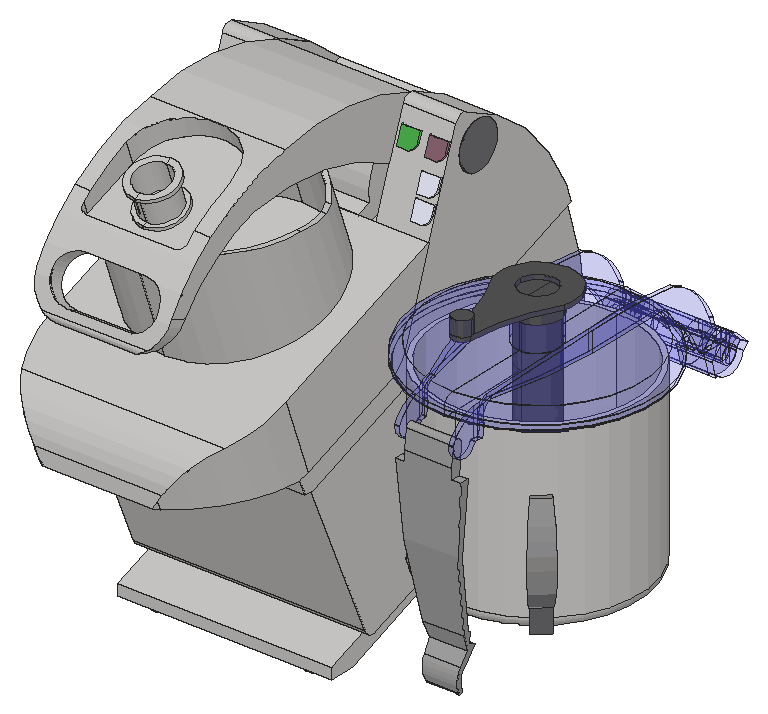
Revit family "QF_DITOSAMA_600436_DTRK55YG", category Specialty Equipment, Revit 2018
Family settings
  Round Connector Dimension = Use Diameter
  Part Type = Normal
  Work Plane-Based = No
  Always vertical = Yes
  Cut with Voids When Loaded = No
  Shared = No
  Room Calculation Point = No
Parameters (values of type "Standard")
  Weight = 27.40 kg
  Watts = 0 W
  Volts = 200 V
  URL Manufacturer = "http://www.ditosama.com"
  URL = "http://www.ditosama.com"
  Steam Supply Size = 0 mm
  Steam Supply Minimum Pressure = 0.0 Pa
  Steam Supply Maximum Pressure = 0.0 Pa
  Steam Pounds per Hour = 0
  Refrigeration Suction Line Size = 0 mm
  Refrigeration Liquid Line Size = 0 mm
  Refrigerant Compressor Remote = yes
  Manufacturer = "Dito Sama"
  Phase = 1
  Model = "DTRK55YG"
  Length Actual = 252 mm  # constant formula
  Item Number = "600436"
  Hot Water Size = 0 mm
  Height Actual = 505 mm  # constant formula
  HP = "1.7 HP"
  Gas Size = 0 mm
  Gas KW = 0
  Gas Input Pressure = 0 W
  Direct Waste Size = 0 mm
  Description = "CUTTER/SLICER 5.5L VARIAB.SPEED-1300W-200-240/1/50-60-UK"
  Depth Actual = 485 mm  # constant formula
  Cycle = 50 Hz
  Condensate Return Size = 0 mm
  Compressed Air Volume = 0.0 L/s
  Compressed Air Size = 0 mm
  Compressed Air Pressure = 0.0 Pa
  Cold Water Size = 0 mm
  Accessory = yes
Reference planes
  plane 1 "Center (Front/Back)": y = 0
  plane 2: z = 0
  plane 3 "Center (Left/Right)": x = 0
  plane 4 "BASE": through (-1506.947, -1354.442, -482.669) normal (0, -0.342, 0.9397)
  plane 5 "TOP": z = 725
  plane 6 "FRONT": y = -250
  plane 7 "BACK": y = 250
  plane 8 "LEFT": x = -126
  plane 9 "RIGHT": x = 126
  plane 10 "BaseSup": through (4267.2, -355.454, 143.983) normal (0, -0.342, 0.9397)
  plane 11 "TopCylinder": z = 505
  plane 12 "panel": through (4267.2, 37.396, 376.789) normal (0, -0.9397, 0.342)
  plane 13 "TAN1": through (4267.2, -242.8, 386.84) normal (0, -0.868, 0.4965)
  plane 14 "cx": x = -4.392
  plane 15: z = 490
  plane 16: z = 685
  plane 17 "EI_1": z = 320
  plane 18: z = 224
  plane 19 "SupportOblique": through (4267.2, 163.975, 96.815) normal (0, 0.809, 0.5878)
  plane 20 "CX2": x = 350
Forms (mm)
  Extrusion 1, solid, material "QF_Finishes_Stainless Steel"
    sketch origin (0, 71.755, 29.173) x (0, 0.939693, 0.34202) y (0, -0.34202, 0.939693)
      loop
        line (196.964, 40) -> (-146.726, 40) -> (-150.519, 29.578) -> (-124.204, 20) -> (196.964, 20) -> (196.964, 40)
    from -114.1 to 114.1
  Extrusion 2, solid, material "QF_Finishes_Stainless Steel"
    sketch origin (0, 71.755, 29.173) x (0, 0.939693, 0.34202) y (0, -0.34202, 0.939693)
      loop
        arc (-117.754, 231.836) -> (-115.679, 141.222) -> (-107.501, 50.953) r 1344.145
        arc (-107.501, 50.953) -> (-103.371, 43.13) -> (-95.098, 40) r 12.5
        line (-95.098, 40) -> (191.415, 40)
        arc (191.415, 40) -> (200.799, 44.052) -> (207.001, 52.177) r 20.212
        arc (207.001, 52.177) -> (236.663, 139.796) -> (245.906, 231.836) r 409.593
        line (245.906, 231.836) -> (-117.754, 231.836)
    from -123.6 to 123.2
  Extrusion 3, solid, material "QF_Finishes_Stainless Steel"
    sketch origin (0, 71.755, 29.173) x (0, 0.939693, 0.34202) y (0, -0.34202, 0.939693)
      loop
        line (-117.754, 231.836) -> (250, 231.836) -> (250, 254)
        arc (250, 254) -> (225.127, 344.7) -> (167.861, 419.303) r 244.524
        arc (167.861, 419.303) -> (160.498, 421.774) -> (153.587, 418.23) r 10
        line (153.587, 418.23) -> (25.432, 265.5)
        arc (25.432, 265.5) -> (14.376, 257.016) -> (0.77, 254) r 32.194
        line (0.77, 254) -> (-128.224, 254) -> (-128.224, 236.946) -> (-117.754, 231.836)
    from -125 to 125
  Extrusion 4, void
    sketch origin (0, 71.755, 29.173) x (0, 0.939693, 0.34202) y (0, -0.34202, 0.939693)
      loop
        line (146.605, 338.403) -> (228.145, 338.403)
        arc (228.145, 338.403) -> (202.221, 381.996) -> (167.861, 419.303) r 244.524
        arc (167.861, 419.303) -> (160.498, 421.774) -> (153.587, 418.23) r 10
        line (153.587, 418.23) -> (72.34, 321.403) -> (146.605, 321.403) -> (146.605, 338.403)
    from -76.755 to 68.071
  Extrusion 5, solid, material "QF_Finishes_Stainless Steel"
    sketch origin (0, 71.755, 29.173) x (0, 0.939693, 0.34202) y (0, -0.34202, 0.939693)
      loop
        line (86.605, 338.403) -> (69.605, 321.403) -> (146.605, 321.403) -> (146.605, 338.403) -> (138.179, 338.403) -> (138.179, 369.367)
        arc (138.179, 369.367) -> (147.784, 373.474) -> (158.149, 372.174) r 19.987
        arc (158.149, 372.174) -> (156.791, 382.001) -> (162.888, 389.826) r 12.748
        arc (162.888, 389.826) -> (123.302, 374.774) -> (101.605, 338.403) r 64.447
        line (101.605, 338.403) -> (86.605, 338.403)
    from -65 to 50
  Extrusion 6, solid, material "QF_Finishes_Stainless Steel"
    sketch origin (539, 71.755, 29.173) x (0, -0.939693, -0.34202) y (0, -0.34202, 0.939693)
      loop
        circle (-169.102, 378.696) r 12.748
    from 489 to 604
  Extrusion 7, solid, material "QF_Finishes_Rubber Black"
    sketch origin (0, 71.755, 29.173) x (0, 0.939693, 0.34202) y (0, -0.34202, 0.939693)
      loop
        circle (169.102, 378.696) r 25
    from 125 to 126.6
  Extrusion 8, solid, material "QF_Finishes_Green"
    sketch origin (-10, -113.728, -38.42) x (0, -0.34202, -0.939693) y (1, 0, 0)
      loop
        line (-529.862, 82.865) -> (-509.862, 82.865) -> (-509.862, 92.865)
        arc (-509.862, 92.865) -> (-512.791, 99.936) -> (-519.862, 102.865) r 10
        line (-519.862, 102.865) -> (-529.862, 102.865) -> (-529.862, 82.865)
    from 0 to 1.6
  Extrusion 9, solid, material "QF_Finishes_Red"
    sketch origin (20, -113.728, -38.42) x (0, -0.34202, -0.939693) y (1, 0, 0)
      loop
        line (-529.862, 82.865) -> (-509.862, 82.865) -> (-509.862, 92.865)
        arc (-509.862, 92.865) -> (-512.791, 99.936) -> (-519.862, 102.865) r 10
        line (-519.862, 102.865) -> (-529.862, 102.865) -> (-529.862, 82.865)
    from 0 to 1.6
  Extrusion 10, solid, material "QF_Finishes_Rubber Black"
    sketch origin (-20, -293.925, 99.376) x (0, -1, 0) y (1, 0, 0)
      loop
        circle (-230.144, 103.748) r 10
      loop
        circle (-230.144, -61.252) r 10
    from 9.274 to 3.787
  Extrusion 11, void
    sketch origin (-20.94, 306.731, 139.428) x (-1, 0, 0) y (0, -0.34202, 0.939693)
      loop
        circle (-20.94, 196.093) r 10
    from -1.916 to -26.433
  Extrusion 12, solid, material "QF_Finishes_Stainless Steel"
    sketch origin (-20.94, 306.678, 139.573) x (-1, 0, 0) y (0, -0.34202, 0.939693)
      loop
        circle (-20.94, 195.939) r 9.999
    from -8.514 to -26.433
  Extrusion 13, solid, material "QF_Finishes_Stainless Steel"
    sketch origin (0, -15.119, 267.855) x (0, -0.939693, -0.34202) y (1, 0, 0)
      loop
        line (-86.605, -125) -> (117.754, -125)
        arc (117.754, -125) -> (182.577, -108.838) -> (232.224, -64.135) r 138.076
        arc (232.224, -64.135) -> (246.337, -33.516) -> (250, 0) r 104.824
        arc (250, 0) -> (246.337, 33.516) -> (232.224, 64.135) r 104.824
        arc (232.224, 64.135) -> (182.577, 108.838) -> (117.754, 125) r 138.076
        line (117.754, 125) -> (-86.605, 125) -> (-86.605, -125)
    from 0 to 84.403
  Extrusion 14, void
    sketch origin (0, 71.755, 29.173) x (0, 0.939693, 0.34202) y (0, -0.34202, 0.939693)
      loop
        line (-183.149, 338.403) -> (-263.395, 338.403) -> (-263.395, 254) -> (-128.224, 254) -> (-235.716, 293.124) -> (-229.509, 307.133)
        arc (-229.509, 307.133) -> (-211.109, 329.855) -> (-183.149, 338.403) r 50
      loop
        line (86.605, 338.403) -> (25.432, 265.5)
        arc (25.432, 265.5) -> (14.376, 257.016) -> (0.77, 254) r 32.194
        line (0.77, 254) -> (86.605, 254) -> (86.605, 338.403)
    from -156.555 to 144.79
  Extrusion 15, solid, material "QF_Finishes_Rubber Black"
    sketch origin (-20, -255.757, 37.007) x (0, -0.939693, -0.34202) y (1, 0, 0)
      loop
        circle (-230.144, 103.748) r 10
      loop
        circle (-230.144, -61.252) r 10
    from -1.968 to 3.787
  Extrusion 16, solid, material "QF_Finishes_Stainless Steel"
    sketch origin (0, 0, 0) x (0, 1, 0) y (0, 0, 1)
      loop
        arc (-237.987, 360.286) -> (-193.334, 422.101) -> (-125.907, 457.716) r 167.502
        arc (-125.907, 457.716) -> (-32.614, 457.202) -> (54.785, 424.565) r 266.494
        line (54.785, 424.565) -> (73.036, 474.711)
        arc (73.036, 474.711) -> (77.269, 479.853) -> (83.792, 481.198) r 10
        arc (83.792, 481.198) -> (1.801, 503.572) -> (-83.051, 498.734) r 263.981
        arc (-83.051, 498.734) -> (-135.605, 484.534) -> (-183.511, 458.675) r 236.13
        arc (-183.511, 458.675) -> (-222.818, 420.732) -> (-248.457, 372.49) r 174.407
        arc (-248.457, 372.49) -> (-249.83, 368.135) -> (-247.05, 364.513) r 4.945
        line (-247.05, 364.513) -> (-237.987, 360.286)
    from -76.755 to 68.071
  Extrusion 17, void
    sketch origin (0, -252.846, 369.279) x (0, -0.496521, -0.868025) y (1, 0, 0)
      loop
        line (-13.723, -36.755) -> (-13.723, 28.071)
        arc (-13.723, 28.071) -> (-38.723, 53.071) -> (-63.723, 28.071) r 25
        line (-63.723, 28.071) -> (-63.723, -36.755)
        arc (-63.723, -36.755) -> (-38.723, -61.755) -> (-13.723, -36.755) r 25
    from -148.493 to 7.125
  Extrusion 18, void
    sketch origin (0, -88.076, 32.057) x (0, -0.34202, -0.939693) y (1, 0, 0)
      loop
        line (-257.162, 68.071) -> (-297.162, 68.071)
        arc (-297.162, 68.071) -> (-268.878, 56.356) -> (-257.162, 28.071) r 40
        line (-257.162, 28.071) -> (-257.162, 68.071)
      loop
        line (-257.162, -76.755) -> (-257.162, -36.755)
        arc (-257.162, -36.755) -> (-268.878, -65.039) -> (-297.162, -76.755) r 40
        line (-297.162, -76.755) -> (-257.162, -76.755)
    from 233.374 to 280.473
  Extrusion 19, void
    sketch origin (0, -73.76, 246.511) x (0, -0.939693, -0.34202) y (1, 0, 0)
      loop
        spline (50.415, 43.499) -> (50.302, 44.538) -> (50.07, 45.551) -> (49.722, 46.523) -> (49.265, 47.436) -> (48.705, 48.278) -> (48.053, 49.034) -> (47.317, 49.692) -> (46.511, 50.241) -> (45.647, 50.674) -> (44.738, 50.981) -> (43.801, 51.16) -> (42.848, 51.221)
        line (42.848, 51.221) -> (-21.826, 51.221)
        arc (-21.826, 51.221) -> (-77.476, -4.429) -> (-21.826, -60.078) r 55.65
        line (-21.826, -60.078) -> (42.849, -60.064)
        spline (42.849, -60.064) -> (43.796, -60.017) -> (44.73, -59.836) -> (45.637, -59.525) -> (46.5, -59.088) -> (47.306, -58.532) -> (48.042, -57.867) -> (48.695, -57.103) -> (49.256, -56.253) -> (49.715, -55.331) -> (50.065, -54.351) -> (50.3, -53.329) -> (50.415, -52.283)
        line (50.415, -52.283) -> (50.415, 43.499)
    from 219.928 to 259.975
  Extrusion 20, void
    sketch origin (0, -87.856, 241.381) x (0, -0.939693, -0.34202) y (1, 0, 0)
      loop
        circle (-4.976, -4.429) r 22.5
    from 184.171 to 259.975
  Extrusion 21, solid, material "QF_Finishes_Stainless Steel"
    sketch origin (0, -57.13, 252.564) x (0, -0.939693, -0.34202) y (1, 0, 0)
      loop
        circle (-27.476, -4.429) r 100
      loop
        circle (-27.476, -4.429) r 95
    from 84.403 to 219.928
  Extrusion 22, void
    sketch origin (539, 0, 0) x (0, -1, 0) y (0, 0, 1)
      loop
        line (-7.229, 448.453) -> (38.883, 431.669) -> (53.883, 431.669) -> (97.232, 435.738) -> (172.232, 435.738) -> (200.5, 434.424) -> (12.562, 502.828) -> (-7.229, 448.453)
    from 424.9 to 664
  Revolve 23, solid, material "QF_Finishes_Stainless Steel"
    sketch origin (-4.392, 0, 0) x (0, 1, 0) y (0, 0, 1)
      loop
        line (-159.523, 452.833) -> (-177.266, 446.376) -> (-188.766, 477.973) -> (-195.199, 475.631) -> (-193.959, 472.225) -> (-189.261, 473.935) -> (-179, 445.744) -> (-183.698, 444.034) -> (-182.575, 440.948) -> (-179.543, 442.052) -> (-133.191, 314.7) -> (-112.048, 322.396) -> (-159.523, 452.833)
      axis (-112.048, 322.396) -> (-171.023, 484.431)
    angle from 0 to 360
  Extrusion 24, solid, material "QF_Door-Drawer Clearances", detail levels coarse
    sketch origin (0, -262.072, 735.095) x (0, -0.581279, -0.813704) y (0, 0.813704, -0.581279)
      loop
        arc (-237.987, 360.286) -> (-193.334, 422.101) -> (-125.907, 457.716) r 167.502
        arc (-125.907, 457.716) -> (-61.925, 460.915) -> (0.971, 448.753) r 266.494
        arc (0.971, 448.753) -> (-2.208, 475.472) -> (-2.432, 502.379) r 244.524
        arc (-2.432, 502.379) -> (-31.549, 503.211) -> (-60.594, 500.999) r 278.64
        arc (-60.594, 500.999) -> (-125.023, 488.463) -> (-183.511, 458.675) r 236.13
        arc (-183.511, 458.675) -> (-222.818, 420.732) -> (-248.457, 372.49) r 174.407
        arc (-248.457, 372.49) -> (-249.83, 368.135) -> (-247.05, 364.513) r 4.945
        line (-247.05, 364.513) -> (-237.987, 360.286)
    from -76.755 to 68.071
  Extrusion 25, solid, material "QF_Door-Drawer Clearances", detail levels coarse
    sketch origin (-4.392, 0, -55) x (0, 1, 0) y (0, 0, 1)
      loop
        arc (180.062, 780.324) -> (-149.234, 694.151) -> (-249.905, 368.994) r 350.321
        line (-249.905, 368.994) -> (-246.546, 377.767)
        arc (-246.546, 377.767) -> (-144.345, 691.9) -> (174.993, 776.44) r 345.321
        line (174.993, 776.44) -> (180.062, 780.324)
    from -60 to 60
  Extrusion 26, solid, material "QF_Finishes_Rubber Black"
    sketch origin (-20, -20.834, 122.512) x (0, -0.939693, -0.34202) y (1, 0, 0)
      loop
        circle (-230.144, 103.748) r 10
      loop
        circle (-230.144, -61.252) r 10
    from -1.968 to 3.787
  Extrusion 27, void
    sketch origin (-4.392, 0, 0) x (0, 1, 0) y (0, 0, 1)
      loop
        circle (163.975, 96.815) r 5.399
    from -121.608 to 130.392
  Sweep 28, solid, material "QF_Finishes_Stainless Steel"
    path origin (0, 153.361, 111.423) x (0, -0.587785, 0.809017) y (1, 0, 0)
      loop
        line (-133.401, 56) -> (-133.401, 112.5)
        arc (-133.401, 112.5) -> (-130.472, 119.571) -> (-123.401, 122.5) r 10
        line (-123.401, 122.5) -> (-28.058, 122.5)
        arc (-28.058, 122.5) -> (-20.987, 119.571) -> (-18.058, 112.5) r 10
        line (-18.058, 112.5) -> (-18.058, -112.5)
        arc (-18.058, -112.5) -> (-20.987, -119.571) -> (-28.058, -122.5) r 10
        line (-28.058, -122.5) -> (-123.401, -122.5)
        arc (-123.401, -122.5) -> (-130.472, -119.571) -> (-133.401, -112.5) r 10
        line (-133.401, -112.5) -> (-133.401, -56)
    profile origin (84.25, 231.772, 3.5) x (0, 0.587785, -0.809017) y (0, 0.809017, 0.587785)
      loop
        circle (0, 0) r 3.5
  Extrusion 29, void
    sketch origin (-4.392, 0, 0) x (0, 1, 0) y (0, 0, 1)
      loop
        line (50.281, 42.641) -> (71.708, 50.44) -> (64.376, 57.771) -> (50.281, 52.641) -> (50.281, 42.641)
    from -119.208 to -51.608
  Extrusion 30, void
    sketch origin (4.392, 0, 0) x (0, 1, 0) y (0, 0, -1)
      loop
        line (50.281, -42.641) -> (50.281, -52.641) -> (64.376, -57.771) -> (71.708, -50.44) -> (50.281, -42.641)
    from -119.208 to -51.608
  Extrusion 31, solid, material "QF_Door-Drawer Clearances", detail levels coarse
    sketch origin (350, -160.4, -17.118) x (0, -0.34202, -0.939693) y (0, -0.939693, 0.34202)
      loop
        line (-206.754, 118.191) -> (-331.133, -223.538)
        arc (-331.133, -223.538) -> (-241.482, -246.331) -> (-149.003, -248.426) r 409.593
        arc (-149.003, -248.426) -> (-139.246, -245.378) -> (-132.229, -237.945) r 20.212
        line (-132.229, -237.945) -> (-34.236, 31.289)
        arc (-34.236, 31.289) -> (-34.347, 40.134) -> (-40.286, 46.691) r 12.5
        arc (-40.286, 46.691) -> (-122.314, 85.249) -> (-206.754, 118.191) r 1344.145
    from -123.6 to 123.2
  Extrusion 32, solid, material "QF_Door-Drawer Clearances", detail levels coarse
    sketch origin (350, -160.4, -17.118) x (0, -0.34202, -0.939693) y (0, -0.939693, 0.34202)
      loop
        line (-134.127, -243.16) -> (-115.333, -250) -> (-5.487, 51.799) -> (-5.487, 79.803) -> (-16.578, 79.803) -> (-134.127, -243.16)
    from -114.1 to 114.1
  Extrusion 33, solid, material "QF_Door-Drawer Clearances", detail levels coarse
    sketch origin (330, -388.076, 105.131) x (0, -1, 0) y (1, 0, 0)
      loop
        circle (-230.144, 103.748) r 10
      loop
        circle (-230.144, -61.252) r 10
    from -1.968 to 3.787
  Extrusion 34, solid, material "QF_Door-Drawer Clearances", detail levels coarse
    sketch origin (330, -138.076, 105.131) x (0, -1, 0) y (1, 0, 0)
      loop
        circle (-230.144, 103.748) r 10
      loop
        circle (-230.144, -61.252) r 10
    from -1.968 to 3.787
  Extrusion 35, solid, material "QF_Door-Drawer Clearances", detail levels coarse
    sketch origin (0, 250, 0) x (-1, 0, 0) y (0, 0, 1)
      loop
        circle (-350, 200) r 10
    from -89.12 to -78.665
  Extrusion 36, solid, material "QF_Finishes_White"
    sketch origin (20, -124.661, -68.457) x (0, -0.34202, -0.939693) y (1, 0, 0)
      loop
        line (-529.862, 82.865) -> (-509.862, 82.865) -> (-509.862, 92.865)
        arc (-509.862, 92.865) -> (-512.791, 99.936) -> (-519.862, 102.865) r 10
        line (-519.862, 102.865) -> (-529.862, 102.865) -> (-529.862, 82.865)
    from 0 to 1.6
  Extrusion 37, solid, material "QF_Finishes_White"
    sketch origin (20, -132.869, -91.01) x (0, -0.34202, -0.939693) y (1, 0, 0)
      loop
        line (-529.862, 82.865) -> (-509.862, 82.865) -> (-509.862, 92.865)
        arc (-509.862, 92.865) -> (-512.791, 99.936) -> (-519.862, 102.865) r 10
        line (-519.862, 102.865) -> (-529.862, 102.865) -> (-529.862, 82.865)
    from 0 to 1.6
Cuts and joins
  Extrusion 4, Extrusion 18, Extrusion 19, Extrusion 20 cuts Extrusion 3
  Extrusion 14, Extrusion 18, Extrusion 19, Extrusion 20 cuts Extrusion 13
  Extrusion 17, Extrusion 18, Extrusion 19, Extrusion 20 cuts Extrusion 16
  Extrusion 11, Extrusion 19, Extrusion 20 cuts Extrusion 2
  Extrusion 22 cuts Extrusion 21
  Extrusion 27, Extrusion 29, Extrusion 30 cuts Extrusion 1
Lines and regions (mm)
  Split face 1
    outline origin (125, 73.036, 474.711) x (-1, 0, 0) y (0, -0.34202, -0.939693)
      loop
        arc (0, 8) -> (1.464, 4.464) -> (5, 3) r 5
        line (5, 3) -> (51.929, 3)
        arc (51.929, 3) -> (55.464, 4.464) -> (56.929, 8) r 5
        line (56.929, 8) -> (56.929, 96.206)
        arc (56.929, 96.206) -> (55.464, 99.742) -> (51.929, 101.206) r 5
        line (51.929, 101.206) -> (5, 101.206)
        arc (5, 101.206) -> (1.464, 99.742) -> (0, 96.206) r 5
        line (0, 96.206) -> (0, 8)
  symbolic lines
    curve 1: line (-76.755, 170.4, 0) -> (-76.755, -235.217, 0)
    curve 2: line (68.071, -235.135, 0) -> (68.071, 170.4, 0)
    curve 3: line (-76.755, 83.792, 0) -> (68.071, 83.792, 0)
    curve 4: line (-76.755, 170.4, 0) -> (68.071, 170.4, 0)
    curve 5: line (68.071, -83.051, 0) -> (-76.755, -83.051, 0)
    curve 6: line (-60.078, -136.967, 0) -> (51.221, -136.967, 0)
    curve 7: line (-60.078, -128.47, 0) -> (-60.078, -194.06, 0)
    curve 8: line (51.221, -193.76, 0) -> (51.221, -128.47, 0)
    curve 9: spline (-52.282, -199.891, 0) -> (-53.276, -199.815, 0) -> (-54.25, -199.647, 0) -> (-55.19, -199.39, 0) -> (-56.081, -199.046, 0) -> (-56.909, -198.622, 0) -> (-57.663, -198.124, 0) -> (-58.331, -197.559, 0) -> (-58.902, -196.936, 0) -> (-59.369, -196.264, 0) -> (-59.724, -195.553, 0) -> (-59.961, -194.815, 0) -> (-60.078, -194.06, 0)
    curve 10: line (43.499, -199.901, 0) -> (-52.283, -199.901, 0)
    curve 11: spline (51.218, -193.76, 0) -> (51.156, -194.554, 0) -> (50.964, -195.333, 0) -> (50.645, -196.085, 0) -> (50.204, -196.798, 0) -> (49.648, -197.459, 0) -> (48.986, -198.058, 0) -> (48.229, -198.586, 0) -> (47.39, -199.033, 0) -> (46.483, -199.392, 0) -> (45.521, -199.658, 0) -> (44.521, -199.826, 0) -> (43.499, -199.893, 0)
    curve 12: spline (-4.392, -146.848, 0) -> (-11.05, -147.672, 0) -> (-17.255, -150.087, 0) -> (-22.583, -153.929, 0) -> (-26.672, -158.936, 0) -> (-29.242, -164.766, 0) -> (-30.119, -171.023, 0) -> (-29.242, -177.28, 0) -> (-26.672, -183.111, 0) -> (-22.583, -188.118, 0) -> (-17.255, -191.96, 0) -> (-11.05, -194.375, 0) -> (-4.392, -195.199, 0)
    curve 13: spline (-4.392, -195.199, 0) -> (2.267, -194.375, 0) -> (8.472, -191.96, 0) -> (13.8, -188.118, 0) -> (17.888, -183.111, 0) -> (20.459, -177.28, 0) -> (21.335, -171.023, 0) -> (20.459, -164.766, 0) -> (17.888, -158.936, 0) -> (13.8, -153.929, 0) -> (8.472, -150.087, 0) -> (2.267, -147.672, 0) -> (-4.392, -146.848, 0)
    curve 14: spline (-4.392, -188.766, 0) -> (-9.279, -188.162, 0) -> (-13.832, -186.389, 0) -> (-17.743, -183.569, 0) -> (-20.744, -179.895, 0) -> (-22.63, -175.616, 0) -> (-23.273, -171.023, 0) -> (-22.63, -166.431, 0) -> (-20.744, -162.152, 0) -> (-17.743, -158.477, 0) -> (-13.832, -155.658, 0) -> (-9.279, -153.885, 0) -> (-4.392, -153.281, 0)
    curve 15: spline (-4.392, -153.281, 0) -> (0.495, -153.885, 0) -> (5.049, -155.658, 0) -> (8.96, -158.477, 0) -> (11.96, -162.152, 0) -> (13.846, -166.431, 0) -> (14.49, -171.023, 0) -> (13.846, -175.616, 0) -> (11.96, -179.895, 0) -> (8.96, -183.569, 0) -> (5.049, -186.389, 0) -> (0.495, -188.162, 0) -> (-4.392, -188.766, 0)
    curve 16: spline (-22.254, -165.273, 0) -> (-20.617, -168.597, 0) -> (-18.289, -171.534, 0) -> (-15.368, -173.96, 0) -> (-11.98, -175.77, 0) -> (-8.268, -176.888, 0) -> (-4.392, -177.266, 0) -> (-0.515, -176.888, 0) -> (3.197, -175.77, 0) -> (6.585, -173.96, 0) -> (9.505, -171.534, 0) -> (11.834, -168.597, 0) -> (13.471, -165.273, 0)
    curve 17: spline (21.106, -162.743, 0) -> (21.02, -155.749, 0) -> (18.807, -149.071, 0) -> (14.651, -143.268, 0) -> (8.902, -138.825, 0) -> (2.04, -136.115, 0) -> (-5.361, -135.365, 0) -> (-12.68, -136.637, 0) -> (-19.306, -139.824, 0) -> (-24.683, -144.661, 0) -> (-28.361, -150.742, 0) -> (-30.034, -157.558, 0) -> (-29.559, -164.538, 0)
    curve 18: spline (15.591, -154.349, 0) -> (13.851, -150.277, 0) -> (11.185, -146.674, 0) -> (7.729, -143.723, 0) -> (3.657, -141.574, 0) -> (-0.824, -140.337, 0) -> (-5.485, -140.073, 0) -> (-10.091, -140.797, 0) -> (-14.408, -142.471, 0) -> (-18.216, -145.011, 0) -> (-21.322, -148.287, 0) -> (-23.569, -152.134, 0) -> (-24.843, -156.356, 0)
    curve 19: line (-36.755, -245.358, 0) -> (-36.755, -220.255, 0)
    curve 20: line (28.071, -220.255, 0) -> (28.071, -245.358, 0)
    curve 21: line (-36.755, -220.255, 0) -> (28.071, -220.255, 0)
    curve 22: line (-36.755, -231.961, 0) -> (28.071, -231.961, 0)
    curve 23: line (28.071, -245.358, 0) -> (-36.755, -245.358, 0)
    curve 24: arc (-36.755, -231.961, 0) -> (-47.346, -230.66, 0) -> (-57.309, -226.836, 0) r 43.78
    curve 25: arc (28.071, -231.961, 0) -> (38.611, -230.648, 0) -> (48.525, -226.836, 0) r 43.78
    curve 26: line (108.532, -216.09, 0) -> (68.016, -248.959, 0)
    curve 27: spline (108.532, -216.09, 0) -> (111.117, -211.341, 0) -> (113.492, -206.496, 0) -> (115.654, -201.564, 0) -> (117.598, -196.552, 0) -> (119.32, -191.469, 0) -> (120.82, -186.324, 0) -> (122.092, -181.125, 0) -> (123.137, -175.882, 0) -> (123.951, -170.603, 0) -> (124.533, -165.296, 0) -> (124.883, -159.972, 0) -> (125, -154.639, 0)
    curve 28: line (125, -154.639, 0) -> (125, 227.385, 0)
    curve 29: spline (63.971, -249.433, 0) -> (63.542, -249.481, 0) -> (63.11, -249.529, 0) -> (62.674, -249.577, 0) -> (62.235, -249.624, 0) -> (61.792, -249.672, 0) -> (61.346, -249.719, 0) -> (60.896, -249.766, 0) -> (60.442, -249.813, 0) -> (59.985, -249.86, 0) -> (59.525, -249.907, 0) -> (59.06, -249.954, 0) -> (58.593, -250, 0)
    curve 30: spline (68.016, -248.959, 0) -> (67.688, -248.999, 0) -> (67.358, -249.038, 0) -> (67.026, -249.078, 0) -> (66.693, -249.118, 0) -> (66.359, -249.157, 0) -> (66.022, -249.197, 0) -> (65.684, -249.236, 0) -> (65.345, -249.276, 0) -> (65.004, -249.315, 0) -> (64.661, -249.354, 0) -> (64.317, -249.394, 0) -> (63.971, -249.433, 0)
    curve 31: line (-68.016, -248.959, 0) -> (68.016, -248.959, 0)
    curve 32: line (-68.016, -248.959, 0) -> (-108.532, -216.09, 0)
    curve 33: spline (-63.971, -249.433, 0) -> (-64.317, -249.394, 0) -> (-64.661, -249.354, 0) -> (-65.004, -249.315, 0) -> (-65.345, -249.276, 0) -> (-65.684, -249.236, 0) -> (-66.022, -249.197, 0) -> (-66.359, -249.157, 0) -> (-66.693, -249.118, 0) -> (-67.026, -249.078, 0) -> (-67.358, -249.038, 0) -> (-67.688, -248.999, 0) -> (-68.016, -248.959, 0)
    curve 34: spline (-58.593, -250, 0) -> (-59.06, -249.954, 0) -> (-59.525, -249.907, 0) -> (-59.985, -249.86, 0) -> (-60.442, -249.813, 0) -> (-60.896, -249.766, 0) -> (-61.346, -249.719, 0) -> (-61.792, -249.672, 0) -> (-62.235, -249.624, 0) -> (-62.674, -249.577, 0) -> (-63.11, -249.529, 0) -> (-63.542, -249.481, 0) -> (-63.971, -249.433, 0)
    curve 35: line (-76.755, -235.217, 0) -> (-60.604, -248.457, 0)
    curve 36: spline (-125, -154.639, 0) -> (-124.883, -159.972, 0) -> (-124.533, -165.296, 0) -> (-123.951, -170.603, 0) -> (-123.137, -175.882, 0) -> (-122.092, -181.125, 0) -> (-120.82, -186.324, 0) -> (-119.32, -191.469, 0) -> (-117.598, -196.552, 0) -> (-115.654, -201.564, 0) -> (-113.492, -206.496, 0) -> (-111.117, -211.341, 0) -> (-108.532, -216.09, 0)
    curve 37: line (-125, 227.385, 0) -> (-125, -154.639, 0)
    curve 38: arc (-76.755, -160.023, 0) -> (-93.256, -130.498, 0) -> (-99.37, -97.232, 0) r 103.622
    curve 39: arc (-76.755, -168.026, 0) -> (-96.901, -135.101, 0) -> (-104.377, -97.232, 0) r 109.55
    curve 40: spline (-99.395, -97.232, 0) -> (-99.428, -93.546, 0) -> (-99.341, -89.86, 0) -> (-99.135, -86.178, 0) -> (-98.81, -82.506, 0) -> (-98.367, -78.845, 0) -> (-97.806, -75.201, 0) -> (-97.127, -71.576, 0) -> (-96.331, -67.976, 0) -> (-95.419, -64.402, 0) -> (-94.392, -60.86, 0) -> (-93.251, -57.352, 0) -> (-91.998, -53.883, 0)
    curve 41: arc (-91.998, -53.883, 0) -> (-88.614, -46.234, 0) -> (-84.624, -38.883, 0) r 103.541
    curve 42: spline (-84.624, -38.883, 0) -> (-84.026, -38.009, 0) -> (-83.417, -37.142, 0) -> (-82.798, -36.282, 0) -> (-82.167, -35.428, 0) -> (-81.527, -34.582, 0) -> (-80.876, -33.742, 0) -> (-80.214, -32.91, 0) -> (-79.543, -32.085, 0) -> (-78.861, -31.267, 0) -> (-78.169, -30.457, 0) -> (-77.467, -29.655, 0) -> (-76.755, -28.86, 0)
    curve 43: spline (-90.488, -38.883, 0) -> (-89.506, -37.356, 0) -> (-88.492, -35.846, 0) -> (-87.448, -34.355, 0) -> (-86.375, -32.883, 0) -> (-85.271, -31.43, 0) -> (-84.139, -29.997, 0) -> (-82.978, -28.585, 0) -> (-81.788, -27.193, 0) -> (-80.571, -25.823, 0) -> (-79.326, -24.476, 0) -> (-78.054, -23.15, 0) -> (-76.755, -21.847, 0)
    curve 44: arc (-97.398, -53.883, 0) -> (-94.227, -46.252, 0) -> (-90.488, -38.883, 0) r 109.406
    curve 45: spline (-104.397, -97.232, 0) -> (-104.428, -93.553, 0) -> (-104.346, -89.875, 0) -> (-104.151, -86.201, 0) -> (-103.844, -82.535, 0) -> (-103.425, -78.879, 0) -> (-102.894, -75.238, 0) -> (-102.252, -71.615, 0) -> (-101.499, -68.013, 0) -> (-100.637, -64.435, 0) -> (-99.665, -60.886, 0) -> (-98.585, -57.367, 0) -> (-97.398, -53.883, 0)
    curve 46: spline (-104.429, -60.179, 0) -> (-104.227, -54.213, 0) -> (-103.623, -48.272, 0) -> (-102.618, -42.379, 0) -> (-101.218, -36.558, 0) -> (-99.427, -30.832, 0) -> (-97.253, -25.224, 0) -> (-94.704, -19.758, 0) -> (-91.791, -14.454, 0) -> (-88.526, -9.335, 0) -> (-84.922, -4.421, 0) -> (-80.993, 0.268, 0) -> (-76.755, 4.714, 0)
    curve 47: line (-104.429, -60.179, 0) -> (-104.429, -91.125, 0)
    curve 48: line (-125, 37.396, 0) -> (-76.755, 37.396, 0)
    curve 49: line (-125, 227.385, 0) -> (125, 227.385, 0)
    curve 50: line (-125, 219.805, 0) -> (125, 219.805, 0)
    curve 51: line (-65, 113.885, 0) -> (50, 113.885, 0)
    curve 52: line (50, 113.885, 0) -> (50, 83.792, 0)
    curve 53: line (-65, 113.885, 0) -> (-65, 83.792, 0)
    curve 54: line (-65, 91.491, 0) -> (50, 91.491, 0)
    curve 55: line (50, 93.777, 0) -> (68.071, 93.777, 0)
    curve 56: line (-65, 93.777, 0) -> (-76.755, 93.777, 0)
    curve 57: line (72.865, 68.37, 0) -> (92.865, 68.37, 0)
    curve 58: line (72.865, 60.026, 0) -> (72.865, 68.37, 0)
    curve 59: line (82.865, 60.026, 0) -> (72.865, 60.026, 0)
    curve 60: line (92.865, 68.37, 0) -> (92.865, 63.446, 0)
    curve 61: line (-123.6, 250, 0) -> (123.2, 250, 0)
    curve 62: line (123.2, 227.385, 0) -> (123.2, 250, 0)
    curve 63: line (-123.6, 227.385, 0) -> (-123.6, 250, 0)
    curve 64: line (68.071, 37.396, 0) -> (125, 37.396, 0)
    curve 65: line (68.071, -235.135, 0) -> (51.82, -248.457, 0)
    curve 66: arc (68.071, -159.898, 0) -> (84.5, -130.423, 0) -> (90.587, -97.232, 0) r 103.622
    curve 67: arc (68.071, -167.913, 0) -> (88.145, -135.031, 0) -> (95.593, -97.232, 0) r 109.55
    curve 68: spline (90.612, -97.232, 0) -> (90.644, -93.546, 0) -> (90.558, -89.86, 0) -> (90.352, -86.178, 0) -> (90.027, -82.506, 0) -> (89.584, -78.845, 0) -> (89.022, -75.201, 0) -> (88.343, -71.576, 0) -> (87.547, -67.976, 0) -> (86.636, -64.402, 0) -> (85.609, -60.86, 0) -> (84.468, -57.352, 0) -> (83.214, -53.883, 0)
    curve 69: arc (83.214, -53.883, 0) -> (79.831, -46.234, 0) -> (75.841, -38.883, 0) r 103.541
    curve 70: spline (75.841, -38.883, 0) -> (75.25, -38.019, 0) -> (74.648, -37.162, 0) -> (74.036, -36.312, 0) -> (73.414, -35.468, 0) -> (72.781, -34.631, 0) -> (72.138, -33.801, 0) -> (71.485, -32.977, 0) -> (70.822, -32.161, 0) -> (70.149, -31.353, 0) -> (69.466, -30.551, 0) -> (68.774, -29.757, 0) -> (68.071, -28.97, 0)
    curve 71: spline (81.705, -38.883, 0) -> (80.729, -37.365, 0) -> (79.722, -35.865, 0) -> (78.685, -34.383, 0) -> (77.619, -32.92, 0) -> (76.523, -31.476, 0) -> (75.399, -30.051, 0) -> (74.246, -28.647, 0) -> (73.066, -27.263, 0) -> (71.857, -25.901, 0) -> (70.622, -24.56, 0) -> (69.36, -23.242, 0) -> (68.071, -21.946, 0)
    curve 72: arc (88.615, -53.883, 0) -> (85.443, -46.252, 0) -> (81.705, -38.883, 0) r 109.406
    curve 73: spline (95.614, -97.232, 0) -> (95.644, -93.553, 0) -> (95.562, -89.875, 0) -> (95.368, -86.201, 0) -> (95.061, -82.535, 0) -> (94.641, -78.879, 0) -> (94.111, -75.238, 0) -> (93.469, -71.615, 0) -> (92.716, -68.013, 0) -> (91.853, -64.435, 0) -> (90.882, -60.886, 0) -> (89.802, -57.367, 0) -> (88.615, -53.883, 0)
    curve 74: spline (95.645, -60.179, 0) -> (95.444, -54.225, 0) -> (94.842, -48.295, 0) -> (93.842, -42.413, 0) -> (92.446, -36.602, 0) -> (90.662, -30.886, 0) -> (88.496, -25.287, 0) -> (85.957, -19.829, 0) -> (83.055, -14.533, 0) -> (79.802, -9.421, 0) -> (76.21, -4.512, 0) -> (72.295, 0.173, 0) -> (68.071, 4.615, 0)
    curve 75: line (95.645, -60.179, 0) -> (95.645, -91.125, 0)
    curve 76: arc (82.865, 60.026, 0) -> (86.108, 60.224, 0) -> (89.302, 60.816, 0) r 26.611
    curve 77: arc (89.302, 60.816, 0) -> (91.344, 61.778, 0) -> (92.865, 63.446, 0) r 5.801
    curve 78: line (102.865, 68.37, 0) -> (122.865, 68.37, 0)
    curve 79: line (102.865, 60.026, 0) -> (102.865, 68.37, 0)
    curve 80: line (112.865, 60.026, 0) -> (102.865, 60.026, 0)
    curve 81: line (122.865, 68.37, 0) -> (122.865, 63.446, 0)
    curve 82: arc (112.865, 60.026, 0) -> (116.108, 60.224, 0) -> (119.302, 60.816, 0) r 26.611
    curve 83: arc (119.302, 60.816, 0) -> (121.344, 61.778, 0) -> (122.865, 63.446, 0) r 5.801
    curve 84: line (102.865, 57.437, 0) -> (122.865, 57.437, 0)
    curve 85: line (102.865, 49.093, 0) -> (102.865, 57.437, 0)
    curve 86: line (112.865, 49.093, 0) -> (102.865, 49.093, 0)
    curve 87: line (122.865, 57.437, 0) -> (122.865, 52.513, 0)
    curve 88: arc (112.865, 49.093, 0) -> (116.108, 49.291, 0) -> (119.302, 49.884, 0) r 26.611
    curve 89: arc (119.302, 49.884, 0) -> (121.344, 50.845, 0) -> (122.865, 52.513, 0) r 5.801
    curve 90: line (102.865, 47.725, 0) -> (122.865, 47.725, 0)
    curve 91: line (102.865, 39.381, 0) -> (102.865, 47.725, 0)
    curve 92: line (112.865, 39.381, 0) -> (102.865, 39.381, 0)
    curve 93: line (122.865, 47.725, 0) -> (122.865, 42.801, 0)
    curve 94: arc (112.865, 39.381, 0) -> (116.108, 39.579, 0) -> (119.302, 40.172, 0) r 26.611
    curve 95: arc (119.302, 40.172, 0) -> (121.344, 41.133, 0) -> (122.865, 42.801, 0) r 5.801
Dimensions and locks
  plane 5 "TOP" to level = 725 mm  (x2)
  plane 8 "LEFT" to plane 3 "Center (Left/Right)" to plane 9 "RIGHT" = 126 mm, 126 mm
  plane 7 "BACK" to plane 1 "Center (Front/Back)" to plane 6 "FRONT" = 250 mm, 250 mm
  plane 5 "TOP" to plane 2 = 725 mm
  plane 5 "TOP" to plane 11 "TopCylinder" = 220 mm
  plane 6 "FRONT" to plane 7 "BACK" = 500 mm
  plane 7 "BACK" to plane 6 "FRONT" = 500 mm
  plane 11 "TopCylinder" to level = 505 mm  (x2)
  plane 15 to level = 490 mm  (x2)
  plane 16 to level = 685 mm
  plane 17 "EI_1" to level = 320 mm
  plane 18 to level = 224 mm
  plane 16 to plane 2 = 685 mm
  plane 9 "RIGHT" to plane 8 "LEFT" = 252 mm
  aligned and locked: level to plane 2
Nested families
  nested 1: "QF_600532_BOWL" at (360, -39.665, -20.592), type "QF_600532_BOWL"
Connectors
  electrical at (0, 231.662, 320.783), driven by "Volts"
    settings: on Extrusion 12, index 1, voltage 200 V, apparent load 0 VA, apparent load phase1 0 VA, apparent load phase2 0 VA, apparent load phase3 0 VA, power factor 1, load classification "Other", number of poles 1, system type 30, power factor state 1, is connector primary yes, connector utility no, sub classification motor no, connector description "Electrical Connection"
Definition of nested family "QF_600532_BOWL"
  Reference planes
    plane 1 "Center (Front/Back)": y = 0
    plane 2: z = 0
    plane 3 "Center (Left/Right)": x = 0
    plane 4 "TOP": z = 705.4
    plane 5 "FRONT": y = -211
    plane 6 "BACK": y = 211
    plane 7 "LEFT": x = -128
    plane 8 "RIGHT": x = 128
    plane 9 "CenterX": x = -10
    plane 10 "Maniglia": through (-10, -59.177, 4000) normal (0.766, 0.6428, 0)
    plane 11 "Panel": through (4267.2, 107.252, 388.448) normal (0, 0.766, -0.6428)
    plane 12: z = 510
  Forms (mm)
    Revolve 1, solid
      sketch origin (-10, 0, 0) x (0, -1, 0) y (0, 0, 1)
        loop
          line (59.177, 490.527) -> (28.516, 490.527) -> (35.424, 483.619) -> (35.424, 470.527) -> (38.194, 470.527) -> (38.194, 356.104) -> (59.177, 356.104) -> (59.177, 490.527)
        axis (59.177, 356.104) -> (59.177, 490.527)
      angle from 0 to 360
    Extrusion 2, solid
      sketch origin (0, 0, 0) x (1, 0, 0) y (0, 1, 0)
        loop
          arc (-48.167, -71.147) -> (-28.951, -114.517) -> (-19.956, -161.093) r 210.055
          arc (-19.956, -161.093) -> (-10, -170.155) -> (-0.044, -161.093) r 10
          arc (-0.044, -161.093) -> (8.951, -114.517) -> (28.167, -71.147) r 210.055
          arc (28.167, -71.147) -> (-10, -19.177) -> (-48.167, -71.147) r 40
      from 490.527 to 495.013
    Extrusion 3, solid
      sketch origin (0, 0, 0) x (1, 0, 0) y (0, 1, 0)
        loop
          circle (-10, -160.155) r 10
      from 495.013 to 510.592
    Extrusion 4, void
      sketch origin (0, 0, 0) x (1, 0, 0) y (0, 1, 0)
        loop
          circle (-10, -59.177) r 19
      from 467.615 to 512.796
    Extrusion 5, void
      sketch origin (-20, 0, 0) x (-1, 0, 0) y (0, -1, 0)
        loop
          line (16.15, 177.864) -> (16.15, -123.86) -> (35.771, -123.86) -> (35.771, 48.192)
          arc (35.771, 48.192) -> (30.047, 105.502) -> (17.781, 161.776) r 500.876
          line (17.781, 161.776) -> (17.781, 171.776) -> (16.15, 177.864)
        loop
          line (40.771, -123.86) -> (45.852, -123.86) -> (45.852, 210.681) -> (21.15, 210.681) -> (21.15, 178.522) -> (22.781, 172.434) -> (22.781, 162.459)
          arc (22.781, 162.459) -> (35.047, 105.893) -> (40.771, 48.297) r 505.876
          line (40.771, 48.297) -> (40.771, -123.86)
      from 381.652 to 477.521
    Extrusion 6, solid
      sketch origin (-20, 0, 0) x (0, 1, 0) y (0, 0, -1)
        loop
          line (-173.064, -409.647) -> (-181.147, -409.647)
          arc (-181.147, -409.647) -> (-199.354, -399.982) -> (-210.844, -417.096) r 15.391
          arc (-210.844, -417.096) -> (-202.04, -429.372) -> (-189.058, -437.099) r 36.946
          arc (-189.058, -437.099) -> (-65.868, -463.241) -> (59.99, -458.888) r 518.061
          arc (59.99, -458.888) -> (92.246, -438.11) -> (113.023, -405.855) r 90.696
          arc (113.023, -405.855) -> (114.903, -399.662) -> (115.972, -393.28) r 50.278
          arc (115.972, -393.28) -> (121.968, -392.806) -> (127.203, -389.844) r 13.902
          arc (127.203, -389.844) -> (135.322, -382.188) -> (143.082, -374.167) r 242.898
          line (143.082, -374.167) -> (137.378, -368.464)
          arc (137.378, -368.464) -> (123.613, -353.84) -> (104.088, -358.543) r 20
          line (104.088, -358.543) -> (99.34, -358.543)
          arc (99.34, -358.543) -> (88.098, -393.587) -> (65.823, -422.884) r 108.872
          line (65.823, -422.884) -> (50.823, -422.884)
          arc (50.823, -422.884) -> (52.796, -423.701) -> (53.614, -425.674) r 2.79
          line (53.614, -425.674) -> (53.614, -430.892)
          arc (53.614, -430.892) -> (50.154, -439.244) -> (41.802, -442.703) r 11.812
          line (41.802, -442.703) -> (-160.307, -442.703)
          arc (-160.307, -442.703) -> (-168.659, -439.244) -> (-172.119, -430.892) r 11.812
          line (-172.119, -430.892) -> (-172.119, -425.826)
          arc (-172.119, -425.826) -> (-171.728, -424.361) -> (-170.659, -423.285) r 2.942
          line (-170.659, -423.285) -> (-173.064, -409.647)
        loop
          circle (117.901, -373.007) r 9.416
      from 16.15 to 45.852
    Extrusion 7, solid
      sketch origin (0, 0, 0) x (0, 1, 0) y (0, 0, 1)
        loop
          line (137.378, 368.464) -> (143.082, 374.167)
          arc (143.082, 374.167) -> (135.322, 382.188) -> (127.203, 389.844) r 242.898
          arc (127.203, 389.844) -> (116.931, 393.38) -> (107.252, 388.448) r 13.902
          line (107.252, 388.448) -> (95.766, 374.76)
          arc (95.766, 374.76) -> (97.862, 366.72) -> (99.34, 358.543) r 108.872
          line (99.34, 358.543) -> (104.088, 358.543)
          arc (104.088, 358.543) -> (123.613, 353.84) -> (137.378, 368.464) r 20
        loop
          circle (117.901, 373.007) r 9.416
      from -71.073 to 53.607
    Extrusion 8, solid
      sketch origin (0, 0, 0) x (0, 1, 0) y (0, 0, 1)
        loop
          arc (-182.273, 168.111) -> (-185.377, 178.111) -> (-182.273, 188.111) r 17.658
          line (-182.273, 188.111) -> (-169.592, 207.294) -> (-177.764, 211.104) -> (-177.764, 222.201) -> (-180.378, 224.815)
          arc (-180.378, 224.815) -> (-195.887, 307.452) -> (-195.295, 391.529) r 437.299
          line (-195.295, 391.529) -> (-193.232, 411.422)
          arc (-193.232, 411.422) -> (-197.69, 416.911) -> (-203.179, 412.454) r 5
          line (-203.179, 412.454) -> (-205.242, 392.56)
          arc (-205.242, 392.56) -> (-202.268, 306.332) -> (-185.461, 221.705) r 534.528
          line (-185.461, 221.705) -> (-177.764, 203.503) -> (-186.394, 190.943)
          arc (-186.394, 190.943) -> (-190.377, 178.111) -> (-186.394, 165.28) r 22.658
          arc (-186.394, 165.28) -> (-182.917, 164.635) -> (-182.273, 168.111) r 2.5
      from -49.646 to 27.326
    Extrusion 9, void
      sketch origin (0, -211, 0) x (-1, 0, 0) y (0, 0, 1)
        loop
          line (-15.15, 416.938) -> (-47.326, 416.938) -> (-47.326, 161.938) -> (-6.963, 161.938) -> (-24.508, 381.652) -> (-15.15, 381.652) -> (-15.15, 416.938)
        loop
          line (26.963, 161.938) -> (77.918, 161.938) -> (77.918, 416.938) -> (35.15, 416.938) -> (35.15, 381.652) -> (44.508, 381.652) -> (26.963, 161.938)
      from 46.08 to -69.339
    Extrusion 10, solid
      sketch origin (0, 0, 0) x (0, 1, 0) y (0, 0, 1)
        loop
          line (-173.064, 409.647) -> (-170.659, 423.285)
          arc (-170.659, 423.285) -> (-171.728, 424.361) -> (-172.119, 425.826) r 2.942
          line (-172.119, 425.826) -> (-172.119, 430.892)
          arc (-172.119, 430.892) -> (-168.659, 439.244) -> (-160.307, 442.703) r 11.812
          line (-160.307, 442.703) -> (41.802, 442.703)
          arc (41.802, 442.703) -> (50.154, 439.244) -> (53.614, 430.892) r 11.812
          line (53.614, 430.892) -> (53.614, 425.674)
          arc (53.614, 425.674) -> (52.796, 423.701) -> (50.823, 422.884) r 2.79
          line (50.823, 422.884) -> (65.823, 422.884)
          arc (65.823, 422.884) -> (88.098, 393.587) -> (99.34, 358.543) r 108.872
          line (99.34, 358.543) -> (104.088, 358.543)
          arc (104.088, 358.543) -> (123.613, 353.84) -> (137.378, 368.464) r 20
          line (137.378, 368.464) -> (143.082, 374.167)
          arc (143.082, 374.167) -> (135.322, 382.188) -> (127.203, 389.844) r 242.898
          arc (127.203, 389.844) -> (121.968, 392.806) -> (115.972, 393.28) r 13.902
          arc (115.972, 393.28) -> (114.903, 399.662) -> (113.023, 405.855) r 50.278
          arc (113.023, 405.855) -> (92.246, 438.11) -> (59.99, 458.888) r 90.696
          arc (59.99, 458.888) -> (-65.868, 463.241) -> (-189.058, 437.099) r 518.061
          arc (-189.058, 437.099) -> (-202.04, 429.372) -> (-210.844, 417.096) r 36.946
          arc (-210.844, 417.096) -> (-199.354, 399.982) -> (-181.147, 409.647) r 15.391
          line (-181.147, 409.647) -> (-173.064, 409.647)
        loop
          circle (117.901, 373.007) r 9.416
      from 16.15 to 45.852
    Extrusion 11, void
      sketch origin (0, 0, 0) x (1, 0, 0) y (0, 1, 0)
        loop
          line (16.15, -177.864) -> (17.781, -171.776) -> (17.781, -161.776)
          arc (17.781, -161.776) -> (30.047, -105.502) -> (35.771, -48.192) r 500.876
          line (35.771, -48.192) -> (35.771, 123.86) -> (16.15, 123.86) -> (16.15, -177.864)
        loop
          line (40.771, 123.86) -> (40.771, -48.297)
          arc (40.771, -48.297) -> (35.047, -105.893) -> (22.781, -162.459) r 505.876
          line (22.781, -162.459) -> (22.781, -172.434) -> (21.15, -178.522) -> (21.15, -210.681) -> (45.852, -210.681) -> (45.852, 123.86) -> (40.771, 123.86)
      from 381.652 to 477.521
    Revolve 12, solid
      sketch origin (-10, 0, 0) x (0, -1, 0) y (0, 0, 1)
        loop
          line (38.194, 422.884) -> (38.194, 470.527) -> (35.424, 470.527) -> (35.424, 442.703) -> (-53.802, 442.703)
          arc (-53.802, 442.703) -> (-62.213, 439.268) -> (-65.732, 430.892) r 11.871
          line (-65.732, 430.892) -> (-65.732, 425.793)
          arc (-65.732, 425.793) -> (-64.88, 423.736) -> (-62.823, 422.884) r 2.909
          line (-62.823, 422.884) -> (38.194, 422.884)
        axis (59.177, 422.884) -> (59.177, 470.527)
      angle from 0 to 360
    Revolve 13, solid
      sketch origin (-10, 0, 0) x (0, -1, 0) y (0, 0, 1)
        loop
          line (169.177, 422.884) -> (164.177, 422.884) -> (164.177, 237.884)
          arc (164.177, 237.884) -> (162.191, 233.09) -> (157.397, 231.104) r 6.78
          line (157.397, 231.104) -> (84.177, 231.104) -> (84.177, 356.104) -> (79.177, 356.104) -> (79.177, 226.104) -> (157.397, 226.104)
          arc (157.397, 226.104) -> (165.726, 229.554) -> (169.177, 237.884) r 11.78
          line (169.177, 237.884) -> (169.177, 422.884)
        axis (59.177, 422.884) -> (59.177, 226.104)
      angle from 0 to 360
    Extrusion 14, solid
      sketch origin (-49.423, -13.925, 0) x (0.634002, 0.773331, 0) y (-0.773331, 0.634002, 0)
        loop
          line (-55.497, -222.333) -> (-26.468, -227.794) -> (-20.635, -161.119)
          arc (-20.635, -161.119) -> (-28.727, -159.898) -> (-36.729, -158.185) r 133.529
          line (-36.729, -158.185) -> (-55.497, -222.333)
      from 226.104 to 356.104
    Revolve 15, void
      sketch origin (-35.007, -29.374, 0) x (-0.642788, 0.766044, 0) y (0, 0, 1)
        loop
          arc (-155.215, 337.579) -> (-171.344, 302.579) -> (-155.215, 267.579) r 46.04
          line (-155.215, 267.579) -> (-147.754, 267.579) -> (-147.754, 337.579) -> (-155.215, 337.579)
        loop
          line (-155.215, 356.104) -> (-147.754, 356.104) -> (-147.754, 361.761) -> (-215.215, 361.761) -> (-215.215, 226.104) -> (-147.754, 226.104) -> (-147.754, 256.485) -> (-163.93, 256.485)
          arc (-163.93, 256.485) -> (-184.453, 308.471) -> (-155.215, 356.104) r 62.537
        axis (10, 361.761) -> (10, 226.104)
      angle from -8.217 to 8.652
    Extrusion 16, solid
      sketch origin (0, 0, 0) x (1, 0, 0) y (0, 1, 0)
        loop
          arc (57.446, -154.071) -> (64.931, -148.135) -> (72.061, -141.775) r 165.215
          line (72.061, -141.775) -> (66.401, -136.116)
          arc (66.401, -136.116) -> (59.824, -141.977) -> (52.928, -147.46) r 157.215
          line (52.928, -147.46) -> (57.446, -154.071)
      from 226.104 to 256.485
    Revolve 17, solid, detail levels coarse
      sketch origin (-10, -235.136, 499.949) x (0, 0, 1) y (0, 1, 0)
        loop
          line (59.177, 490.527) -> (28.516, 490.527) -> (35.424, 483.619) -> (35.424, 470.527) -> (38.194, 470.527) -> (38.194, 442.703) -> (59.177, 442.703) -> (59.177, 490.527)
        axis (59.177, 442.703) -> (59.177, 490.527)
      angle from 0 to 360
    Extrusion 18, solid, detail levels coarse
      sketch origin (0, -235.136, 499.949) x (1, 0, 0) y (0, 0, -1)
        loop
          arc (-48.167, -71.147) -> (-28.951, -114.517) -> (-19.956, -161.093) r 210.055
          arc (-19.956, -161.093) -> (-10, -170.155) -> (-0.044, -161.093) r 10
          arc (-0.044, -161.093) -> (8.951, -114.517) -> (28.167, -71.147) r 210.055
          arc (28.167, -71.147) -> (-10, -19.177) -> (-48.167, -71.147) r 40
      from 490.527 to 495.013
    Extrusion 19, solid, detail levels coarse
      sketch origin (0, -235.136, 499.949) x (1, 0, 0) y (0, 0, -1)
        loop
          circle (-10, -160.155) r 10
      from 495.013 to 510.592
    Extrusion 20, void
      sketch origin (-20, -221.856, 479.359) x (-1, 0, 0) y (0, 0, 1)
        loop
          line (16.15, 177.864) -> (16.15, -123.86) -> (35.771, -123.86) -> (35.771, 48.192)
          arc (35.771, 48.192) -> (30.047, 105.502) -> (17.781, 161.776) r 500.876
          line (17.781, 161.776) -> (17.781, 171.776) -> (16.15, 177.864)
        loop
          line (40.771, -123.86) -> (45.852, -123.86) -> (45.852, 217.003) -> (21.15, 217.003) -> (21.15, 178.522) -> (22.781, 172.434) -> (22.781, 162.459)
          arc (22.781, 162.459) -> (35.047, 105.893) -> (40.771, 48.297) r 505.876
          line (40.771, 48.297) -> (40.771, -123.86)
      from 350.345 to 477.521
    Extrusion 21, solid, detail levels coarse
      sketch origin (-20, -235.136, 499.949) x (0, 0, -1) y (0, -1, 0)
        loop
          line (-173.064, -409.647) -> (-181.303, -409.647)
          arc (-181.303, -409.647) -> (-196.341, -401.818) -> (-205.451, -416.117) r 12.548
          arc (-205.451, -416.117) -> (-199.87, -428.651) -> (-189.058, -437.099) r 28.357
          arc (-189.058, -437.099) -> (-65.868, -463.241) -> (59.99, -458.888) r 518.061
          arc (59.99, -458.888) -> (92.246, -438.11) -> (113.023, -405.855) r 90.696
          arc (113.023, -405.855) -> (114.903, -399.662) -> (115.972, -393.28) r 50.278
          arc (115.972, -393.28) -> (121.968, -392.806) -> (127.203, -389.844) r 13.902
          arc (127.203, -389.844) -> (130.645, -386.684) -> (134.025, -383.459) r 242.898
          arc (134.025, -383.459) -> (118.878, -371.582) -> (104.72, -358.543) r 242.898
          line (104.72, -358.543) -> (99.34, -358.543)
          arc (99.34, -358.543) -> (88.098, -393.587) -> (65.823, -422.884) r 108.872
          line (65.823, -422.884) -> (50.823, -422.884)
          arc (50.823, -422.884) -> (52.796, -423.701) -> (53.614, -425.674) r 2.79
          line (53.614, -425.674) -> (53.614, -430.892)
          arc (53.614, -430.892) -> (50.154, -439.244) -> (41.802, -442.703) r 11.812
          line (41.802, -442.703) -> (-160.307, -442.703)
          arc (-160.307, -442.703) -> (-168.659, -439.244) -> (-172.119, -430.892) r 11.812
          line (-172.119, -430.892) -> (-172.119, -425.826)
          arc (-172.119, -425.826) -> (-171.728, -424.361) -> (-170.659, -423.285) r 2.942
          line (-170.659, -423.285) -> (-173.064, -409.647)
      from 16.15 to 45.852
    Extrusion 22, void
      sketch origin (0, -221.856, 479.359) x (1, 0, 0) y (0, 0, -1)
        loop
          line (16.15, -177.864) -> (17.781, -171.776) -> (17.781, -161.776)
          arc (17.781, -161.776) -> (30.047, -105.502) -> (35.771, -48.192) r 500.876
          line (35.771, -48.192) -> (35.771, 123.86) -> (16.15, 123.86) -> (16.15, -177.864)
        loop
          line (40.771, 123.86) -> (40.771, -48.297)
          arc (40.771, -48.297) -> (35.047, -105.893) -> (22.781, -162.459) r 505.876
          line (22.781, -162.459) -> (22.781, -172.434) -> (21.15, -178.522) -> (21.15, -217.003) -> (45.852, -217.003) -> (45.852, 123.86) -> (40.771, 123.86)
      from 350.345 to 477.521
    Extrusion 23, solid, detail levels coarse
      sketch origin (0, -235.136, 499.949) x (0, 0, -1) y (0, 1, 0)
        loop
          line (-173.064, 409.647) -> (-170.659, 423.285)
          arc (-170.659, 423.285) -> (-171.728, 424.361) -> (-172.119, 425.826) r 2.942
          line (-172.119, 425.826) -> (-172.119, 430.892)
          arc (-172.119, 430.892) -> (-168.659, 439.244) -> (-160.307, 442.703) r 11.812
          line (-160.307, 442.703) -> (41.802, 442.703)
          arc (41.802, 442.703) -> (50.154, 439.244) -> (53.614, 430.892) r 11.812
          line (53.614, 430.892) -> (53.614, 425.674)
          arc (53.614, 425.674) -> (52.796, 423.701) -> (50.823, 422.884) r 2.79
          line (50.823, 422.884) -> (65.823, 422.884)
          arc (65.823, 422.884) -> (88.098, 393.587) -> (99.34, 358.543) r 108.872
          line (99.34, 358.543) -> (104.72, 358.543)
          arc (104.72, 358.543) -> (118.878, 371.582) -> (134.025, 383.459) r 242.898
          arc (134.025, 383.459) -> (130.645, 386.684) -> (127.203, 389.844) r 242.898
          arc (127.203, 389.844) -> (121.968, 392.806) -> (115.972, 393.28) r 13.902
          arc (115.972, 393.28) -> (114.903, 399.662) -> (113.023, 405.855) r 50.278
          arc (113.023, 405.855) -> (92.246, 438.11) -> (59.99, 458.888) r 90.696
          arc (59.99, 458.888) -> (-65.868, 463.241) -> (-189.058, 437.099) r 518.061
          arc (-189.058, 437.099) -> (-199.87, 428.651) -> (-205.451, 416.117) r 28.357
          arc (-205.451, 416.117) -> (-196.341, 401.818) -> (-181.303, 409.647) r 12.548
          line (-181.303, 409.647) -> (-173.064, 409.647)
      from 16.15 to 45.852
    Revolve 24, solid, detail levels coarse
      sketch origin (-10, -235.136, 499.949) x (0, 0, 1) y (0, 1, 0)
        loop
          line (38.194, 422.884) -> (38.194, 470.527) -> (35.424, 470.527) -> (35.424, 442.703) -> (-53.802, 442.703)
          arc (-53.802, 442.703) -> (-62.213, 439.268) -> (-65.732, 430.892) r 11.871
          line (-65.732, 430.892) -> (-65.732, 425.793)
          arc (-65.732, 425.793) -> (-64.88, 423.736) -> (-62.823, 422.884) r 2.909
          line (-62.823, 422.884) -> (38.194, 422.884)
        axis (59.177, 422.884) -> (59.177, 470.527)
      angle from 0 to 360
    Extrusion 25, void
      sketch origin (0, 0, 0) x (0, 1, 0) y (0, 0, 1)
        loop
          line (-210.681, 417.459) -> (-211.654, 417.459) -> (-211.654, 411.793) -> (-210.681, 411.793) -> (-210.681, 417.459)
      from -41.15 to -65.852
    Extrusion 26, void
      sketch origin (0, 0, 0) x (0, 1, 0) y (0, 0, 1)
        loop
          line (-210.681, 417.459) -> (-211.654, 417.459) -> (-211.654, 411.793) -> (-210.681, 411.793) -> (-210.681, 417.459)
      from 21.15 to 45.852
  Cuts and joins
    Extrusion 4 cuts Extrusion 2
    Extrusion 5, Extrusion 11, Extrusion 20, Extrusion 22, Extrusion 25 cuts Extrusion 6
    Extrusion 9, Extrusion 11, Extrusion 20 cuts Extrusion 8
    Extrusion 11, Extrusion 20, Extrusion 22 cuts Extrusion 7
    Extrusion 11, Extrusion 26 cuts Extrusion 10
    Revolve 15 cuts Extrusion 14
    Extrusion 20 cuts Revolve 12
    Extrusion 20 cuts Revolve 13
    Extrusion 20, Extrusion 22 cuts Extrusion 21
    Extrusion 22 cuts Extrusion 23
  Lines and regions (mm)
    symbolic lines
      curve 1: arc (-10, -172.155, 0) -> (3.999, -171.284, 0) -> (17.781, -168.686, 0) r 112.979
      curve 2: arc (-10, -184.085, 0) -> (-23.148, -183.391, 0) -> (-36.15, -181.317, 0) r 124.909
      curve 3: line (128, -157.764, 0) -> (128, 191, 0)
      curve 4: line (124.8, 106.204, 0) -> (59.066, 106.204, 0)
      curve 5: line (102.599, 90.494, 0) -> (117.599, 90.494, 0)
      curve 6: line (117.599, 87.22, 0) -> (102.599, 87.22, 0)
      curve 7: line (102.599, 76.352, 0) -> (117.599, 76.352, 0)
      curve 8: line (117.599, 73.078, 0) -> (102.599, 73.078, 0)
      curve 9: line (102.599, 62.211, 0) -> (117.599, 62.211, 0)
      curve 10: line (117.599, 58.937, 0) -> (102.599, 58.937, 0)
      curve 11: line (102.599, 48.07, 0) -> (117.599, 48.07, 0)
      curve 12: line (102.599, 58.937, 0) -> (102.599, 48.07, 0)
      curve 13: line (117.599, 48.07, 0) -> (117.599, 58.937, 0)
      curve 14: line (117.599, 62.211, 0) -> (117.599, 73.078, 0)
      curve 15: line (102.599, 73.078, 0) -> (102.599, 62.211, 0)
      curve 16: line (102.599, 87.22, 0) -> (102.599, 76.352, 0)
      curve 17: line (117.599, 76.352, 0) -> (117.599, 87.22, 0)
      curve 18: line (117.599, 90.494, 0) -> (117.599, 101.361, 0)
      curve 19: line (102.599, 101.361, 0) -> (102.599, 90.494, 0)
      curve 20: arc (-0.044, -161.093, 0) -> (8.951, -114.517, 0) -> (28.167, -71.147, 0) r 210.055
      curve 21: arc (28.167, -71.147, 0) -> (-10, -19.177, 0) -> (-48.167, -71.147, 0) r 40
      curve 22: arc (-48.167, -71.147, 0) -> (-28.951, -114.517, 0) -> (-19.956, -161.093, 0) r 210.055
      curve 23: arc (-19.956, -161.093, 0) -> (-10, -170.155, 0) -> (-0.044, -161.093, 0) r 10
      curve 24: arc (0, -160.155, 0) -> (-10, -150.155, 0) -> (-20, -160.155, 0) r 10
      curve 25: arc (-55.771, -48.192, 0) -> (-50.047, -105.502, 0) -> (-37.781, -161.776, 0) r 500.876
      curve 26: arc (-42.781, -162.459, 0) -> (-55.047, -105.893, 0) -> (-60.771, -48.297, 0) r 505.876
      curve 27: line (-55.771, 123.86, 0) -> (-55.771, -48.192, 0)
      curve 28: line (-60.771, -48.297, 0) -> (-60.771, 123.86, 0)
      curve 29: line (40.771, 123.86, 0) -> (40.771, -48.297, 0)
      curve 30: line (35.771, -48.192, 0) -> (35.771, 123.86, 0)
      curve 31: arc (40.771, -48.297, 0) -> (35.047, -105.893, 0) -> (22.781, -162.459, 0) r 505.876
      curve 32: arc (17.781, -161.776, 0) -> (30.047, -105.502, 0) -> (35.771, -48.192, 0) r 500.876
      curve 33: line (22.781, -162.459, 0) -> (22.781, -172.434, 0)
      curve 34: line (17.781, -171.776, 0) -> (17.781, -161.776, 0)
      curve 35: line (16.15, -177.864, 0) -> (17.781, -171.776, 0)
      curve 36: line (22.781, -172.434, 0) -> (21.15, -178.522, 0)
      curve 37: line (21.15, -178.522, 0) -> (21.15, -211, 0)
      curve 38: line (-37.781, -161.776, 0) -> (-37.781, -171.776, 0)
      curve 39: line (-42.781, -172.434, 0) -> (-42.781, -162.459, 0)
      curve 40: line (-41.15, -178.522, 0) -> (-42.781, -172.434, 0)
      curve 41: line (-37.781, -171.776, 0) -> (-36.15, -177.864, 0)
      curve 42: line (-41.15, -211, 0) -> (-41.15, -178.522, 0)
      curve 43: spline (22.008, -197.61, 0) -> (21.937, -197.617, 0) -> (21.865, -197.622, 0) -> (21.794, -197.626, 0) -> (21.722, -197.627, 0) -> (21.651, -197.627, 0) -> (21.579, -197.625, 0) -> (21.508, -197.621, 0) -> (21.436, -197.615, 0) -> (21.365, -197.608, 0) -> (21.293, -197.598, 0) -> (21.222, -197.587, 0) -> (21.15, -197.574, 0)
      curve 44: line (-71.073, 171.51, 0) -> (53.607, 171.51, 0)
      curve 45: line (59.066, 46.214, 0) -> (124.8, 46.214, 0)
      curve 46: line (59.066, 106.204, 0) -> (59.066, 46.214, 0)
      curve 47: line (124.8, 46.214, 0) -> (124.8, 107.429, 0)
      curve 48: line (53.607, 48.324, 0) -> (53.607, 171.51, 0)
      curve 49: line (-71.073, 171.51, 0) -> (-71.073, 49.783, 0)
